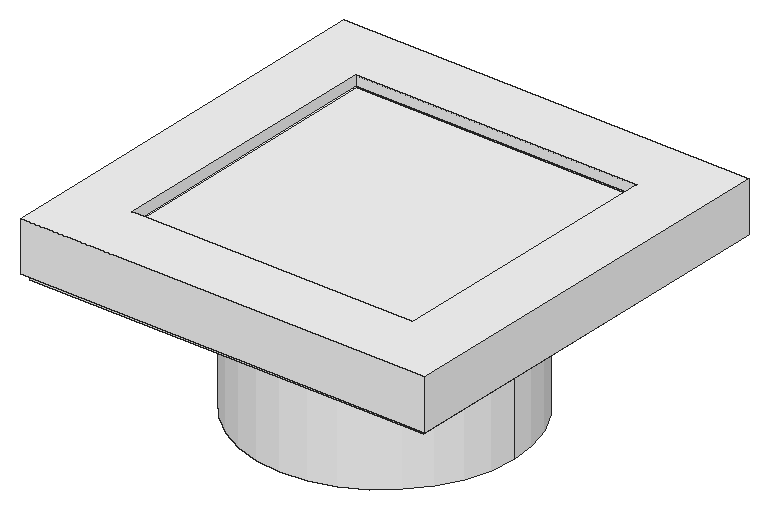
Revit family "Gira_012801", category Electrical Fixtures, host Face, Revit 2017
Family settings
  Host = Face
  Maintain Annotation Orientation = Yes
  Round Connector Dimension = Use Diameter
  Part Type = Normal
  Cut with Voids When Loaded = No
  Shared = No
  Room Calculation Point = No
Parameters (values of type "PB sw. 2-way 2-g System 55 cr.white")
  With mounting plate = "No"
  Wiring system = "Alternating-/alternating switch"
  White [instance] = White
  Washing machine switch = "No"
  URL = "http://katalog.gira.de/en/datenblatt.html?artikelnr=012801"
  Type of fastening = "Mounting with claw and screw"
  Surface protection = "Other"
  Surface finishing = "Glossy"
  Suitable for degree of protection (IP) = "IP20"
  Rated current = "10"
  RAL-number (akin) = "1013"
  Push button switch = "Yes"
  Number of rockers = "2"
  Number of modules (module system) = "1"
  Nominal voltage = "250"
  Name = "PB sw. 2-way 2-g System 55 cr.white"
  Mounting method = "Flush mounted (plaster)"
  Model = "Sys55_Komplettgerät_Schalten und Tasten"
  Method of operation = "Rocker/button"
  Material quality = "Thermoplastic"
  Material = "Plastic"
  Manufacturer URL = "https://www.gira.de/"
  Manufacturer = "Gira"
  Label space/information surface = "No"
  Illumination = "Optional"
  HeinzeBIM = "https://bimportal.heinze.de/bim/pb-sw-2-way-2-g-system-55-cr-white/fd06888bcad226189dbe4f672d19de9b06a641b6"
  Halogen free = "Yes"
  HAN = "012801"
  GTIN = "4010337128014"
  Feedback-signal contact = "No"
  Description = "PB sw.2-w 2g Sys55 CW,Pushbutton switch, 10 AX 250 V~ with rocker, 2-gang,2-way switch, 2-gang,cream white glossy,"
  Default Elevation = 1219.2 mm
  Data sheet (1) = "https://katalog.gira.de/en/download.html?artikelnr=012801"
  Connection type = "Plug clamp"
  Colour = "Cream white (electro white)"
  Category = "Switch"
  BIM (1) = "https://media.stage.bim.site/public/gira/36a6b08/Sys55_Komplettgerät_Schalten und Tasten.rfa?public/gira/36a6b08/Sys55_Komplettgerät_Schalten und Tasten.rfa"
  Available = "No"
  Assembly arrangement = "Basic element with central cover plate"
Reference planes
  plane 1 "Center (Front/Back)": y = 0
  plane 2: z = 0
  plane 3 "Center (Left/Right)": x = 0
Forms (mm)
  Extrusion 1, solid, material "White" <- "White", detail levels medium
    sketch origin (0, 0, 0) x (1, 0, 0) y (0, 1, 0)
      loop
        line (-40.4, 40.4) -> (-40.4, -40.4) -> (40.4, -40.4) -> (40.4, 40.4) -> (-40.4, 40.4)
      loop
        line (-28, 28) -> (-28, -28) -> (28, -28) -> (28, 28) -> (-28, 28)
    from 0 to 10
  Extrusion 2, solid, material "White" <- "White", detail levels fine
    sketch origin (0, 0, 0) x (1, 0, 0) y (0, 1, 0)
      loop
        line (-40.4, 40.4) -> (-40.4, -40.4) -> (40.4, -40.4) -> (40.4, 40.4) -> (-40.4, 40.4)
      loop
        line (-28, 28) -> (-28, -28) -> (28, -28) -> (28, 28) -> (-28, 28)
    from 0 to 10
  Extrusion 3, void
    sketch origin (0, 0, 0) x (1, 0, 0) y (0, 1, 0)
      loop
        line (-38.4, 38.4) -> (-38.4, -38.4) -> (38.4, -38.4) -> (38.4, 38.4) -> (-38.4, 38.4)
    from 0 to 8
  Extrusion 4, solid, material "White" <- "White", detail levels medium+fine
    sketch origin (0, 0, 0) x (1, 0, 0) y (0, 1, 0)
      loop
        line (-39.4, 39.4) -> (-39.4, -39.4) -> (39.4, -39.4) -> (39.4, 39.4) -> (-39.4, 39.4)
    from 0 to -1
  Extrusion 5, solid, material "White" <- "White", detail levels medium+fine
    sketch origin (0, 0, 0) x (1, 0, 0) y (0, 1, 0)
      loop
        line (-35.5, 35.5) -> (-35.5, -35.5) -> (35.5, -35.5) -> (35.5, 35.5) -> (-35.5, 35.5)
    from -2 to -3
  Extrusion 6, solid, material "White" <- "White", detail levels medium+fine
    sketch origin (0, 0, 0) x (1, 0, 0) y (0, 1, 0)
      loop
        circle (0, 0) r 26
    from 0 to -27.5
  Extrusion 7, solid, material "White" <- "White", detail levels coarse
    sketch origin (0, 0, 0) x (1, 0, 0) y (0, 1, 0)
      loop
        line (-40.4, 40.4) -> (-40.4, -40.4) -> (40.4, -40.4) -> (40.4, 40.4) -> (-40.4, 40.4)
    from -27.5 to 10
Cuts and joins
  Extrusion 3 cuts Extrusion 2
Dimensions and locks
  aligned and locked: plane 2 to host face
  aligned and locked: level to host face
  aligned and locked: plane 3 "Center (Left/Right)" to nested 2
  aligned and locked: plane 1 "Center (Front/Back)" to nested 2
Nested families
  nested 1: "Sys55_Abdeckung_Schalten und Tasten_floor_base" at (0, 0, 0), type "Sys55_Abdeckung_Schalten und Tasten_floor_base"
  nested 2: "Schalter" at (0, 0, 0), type "Schalter"
Connectors
  electrical at (0, 0, -27.5)
    settings: on Extrusion 6, index 1, voltage 220 V, apparent load 0 VA, apparent load phase1 0 VA, apparent load phase2 0 VA, apparent load phase3 0 VA, power factor 1, load classification "Other", number of poles 1, system type 30, power factor state 1, is connector primary yes, connector utility no, sub classification motor no, connector description ""
Definition of nested family "Sys55_Abdeckung_Schalten und Tasten_floor_base"
  Parameters
    Default Elevation = 1219.2 mm
    White [instance] = none
  Reference planes
    plane 1 "Center (Front/Back)": y = 0
    plane 2: z = 0
    plane 3 "Center (Left/Right)": x = 0
  Forms (mm)
    Extrusion 1, solid
      sketch origin (0, 0, 0) x (1, 0, 0) y (0, 1, 0)
        loop
          line (-1219.2, 1219.2) -> (-1219.2, -1219.2) -> (1219.2, -1219.2) -> (1219.2, 1219.2) -> (-1219.2, 1219.2)
      from 0 to -304.8
    Extrusion 2, solid, material <- "White", detail levels fine
      sketch origin (0, 0, 0) x (1, 0, 0) y (0, 1, 0)
        loop
          line (-27.5, 27.5) -> (-27.5, -27.5) -> (27.5, -27.5) -> (27.5, 27.5) -> (-27.5, 27.5)
      from 0 to 8
    Extrusion 3, void
      sketch origin (0, 0, 0) x (1, 0, 0) y (0, 1, 0)
        loop
          line (26, 26) -> (-26, 26) -> (-26, -26) -> (26, -26) -> (26, 26)
      from 0 to 6
    Extrusion 4, solid, material <- "White", detail levels medium
      sketch origin (0, 0, 0) x (1, 0, 0) y (0, 1, 0)
        loop
          line (-27.5, 27.5) -> (-27.5, -27.5) -> (27.5, -27.5) -> (27.5, 27.5) -> (-27.5, 27.5)
      from 0 to 8
    Extrusion 5, solid, material <- "White", detail levels medium
      sketch origin (0, 0, 0) x (1, 0, 0) y (0, 1, 0)
        loop
          line (11, -17.5) -> (11, 17.5) -> (-11, 17.5) -> (-11, -17.5) -> (11, -17.5)
      from -6 to 6
    Extrusion 6, solid, material <- "White", detail levels fine
      sketch origin (0, 0, 0) x (1, 0, 0) y (0, 1, 0)
        loop
          line (11, 17.5) -> (-11, 17.5) -> (-11, 16.5) -> (11, 16.5) -> (11, 17.5)
        loop
          line (-11, -16.5) -> (-11, -17.5) -> (11, -17.5) -> (11, -16.5) -> (-11, -16.5)
      from -4 to 6
    Extrusion 7, solid, material <- "White", detail levels fine
      sketch origin (0, 0, 0) x (1, 0, 0) y (0, 1, 0)
        loop
          arc (5, 9.347) -> (0, 10.6) -> (-5, 9.347) r 10.6
          line (-5, 9.347) -> (-5, -9.347)
          arc (-5, -9.347) -> (0, -10.6) -> (5, -9.347) r 10.6
          line (5, -9.347) -> (5, 9.347)
      from -6 to 6
    Extrusion 8, solid, material <- "White", detail levels coarse
      sketch origin (0, 0, 0) x (1, 0, 0) y (0, 1, 0)
        loop
          line (-27.5, 27.5) -> (-27.5, -27.5) -> (27.5, -27.5) -> (27.5, 27.5) -> (-27.5, 27.5)
      from -6 to 8
  Cuts and joins
    Extrusion 3 cuts Extrusion 2
  Dimensions and locks
    aligned and locked: plane 2 to Extrusion 1
    aligned and locked: level to Extrusion 1
Definition of nested family "Schalter"
  Reference planes
    plane 1: y = 0
    plane 2: x = 0
  Lines and regions (mm)
    detail lines
      curve 1: circle (1.375, 2.778, 0) r 0.8 normal (0, 0, 1)
      curve 2: line (1.021, 2.061, 0) -> (0, 0, 0)
      curve 3: line (0, 0, 0) -> (-0.538, 0.266, 0)
  Dimensions and locks
    curve 2 to curve 2 = 2.3 mm
    curve 3 to curve 2 = 0.6 mm
    radius of curve 1 = 0.8 mm
